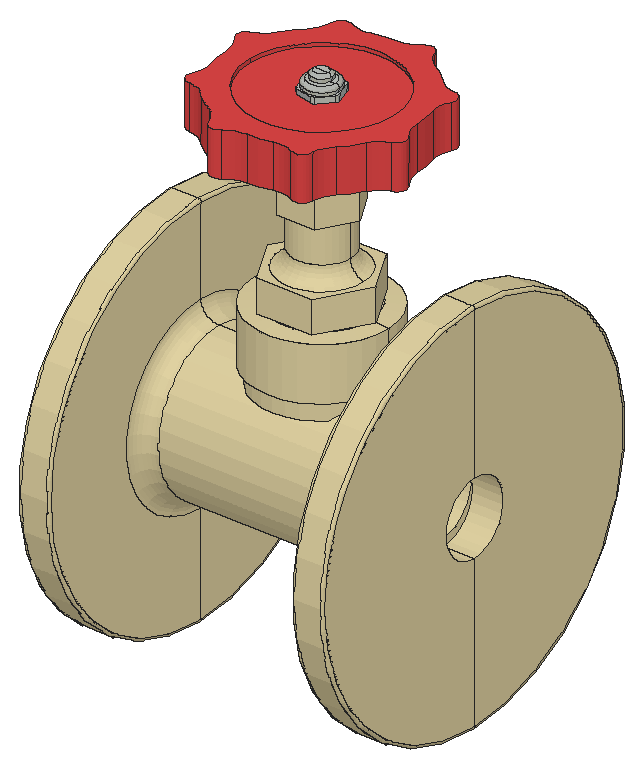
Revit family "AA01900000", category Apparecchi idraulici, Revit 2020
Family settings
  Quota connettore circolare = Usa diametro
  Tipo di parte = Normale
  Numero OmniClass = 23.45.00.00
  Titolo OmniClass = Sanitary, Laundry, and Cleaning Equipment
  Basato su piano di lavoro = No
  Sempre verticale = Sì
  Taglio con vuoti quando caricato = No
  Condiviso = No
  Punto di calcolo locali = No
Parameters
  URL = "https://web.cimberio.it/index.php/figura/646?subcategoria_id=10200"
  Temperatura di esercizio = "-10 ÷ 170°C (DN 15 ÷ 100); -10 ÷ 150°C (DN 125 e 150)"
  Prospetto di default = 0 mm
  Produttore = "CIMBERIO SPA"
  Pressione nominale = "PN 16 (DN 15 ÷ 100); PN 10 (DN 125 e 150)"
  Modello = "Cim 72FPN10"
  Materiale = "Prodotto in lega di bronzo conforme alla norma EN 1982-CC491K"
  Descrizione = "Utilizzato nei più svariati settori dell'impiantistica: impianti di riscaldamento, condizionamento, idrici, igienico-sanitari, reti di distribuzione oli, benzine, vapore saturo e in generale con ogni fluido non corrosivo"
  DN Model [instance] = AA01903135 : AA01903135
  DN [instance] = 20 mm
  Commenti sul tipo = "Realizzato in ottemperanza ai requisiti gestionali della norma EN ISO 9001. Collaudato al 100% secondo la normativa EN 12266-1."
Reference planes
  plane 1 "Centro (Fronte/Retro)": y = 0
  plane 2: z = 0
  plane 3 "Centro (Sinistra/Destra)": x = 0
Dimensions and locks
  aligned and locked: level to plane 2
Nested families
  nested 1: "AA01903135" at (0, 0, 0), type <- "DN Model", type "AA01903135"
  nested 2: "AA01903135" at (0, 0, 0), type <- "DN Model", type "AA01903135"
  nested 3: "AA01903135" at (0, 0, 0), type <- "DN Model", type "AA01903135"
  nested 4: "AA01903135" at (0, 0, 0), type <- "DN Model", type "AA01903135"
  nested 5: "AA01903135" at (0, 0, 0), type <- "DN Model", type "AA01903135"
  nested 6: "AA01903135" at (0, 0, 0), type <- "DN Model", type "AA01903135"
  nested 7: "AA01903135" at (0, 0, 0), type <- "DN Model", type "AA01903135"
  nested 8: "AA01903135" at (0, 0, 0), type <- "DN Model", type "AA01903135"
  nested 9: "AA01903135" at (0, 0, 0), type <- "DN Model", type "AA01903135"
  nested 10: "AA01903135" at (0, 0, 0), type <- "DN Model", type "AA01903135"
  nested 11: "AA01903135" at (0, 0, 0), type <- "DN Model", type "AA01903135"
Connectors
  piping at (42.25, 0, -2), diameter 20, driven by "DN"
    settings: on nested 1, index 1, connector inside diameter 609.6 mm, connector length 0 mm, flow factor 0, pipe flow 0.0 L/s, pressure drop 0.0 Pa, fitting loss kfactor 0, connector angle 0.00°, fixture units 0, engagement length 0 mm, angle of deflection 0.00°, flow configuration 0, flow direction 0, fitting loss method 0, system type 7, joint type 0, gender type 0, connector reference index -1, connector utility 0, adjustable connector no, is connector primary yes, connector description ""
  piping at (-42.25, 0, -2), diameter 20, driven by "DN"
    settings: on nested 1, index 2, connector inside diameter 609.6 mm, connector length 0 mm, flow factor 0, pipe flow 0.0 L/s, pressure drop 0.0 Pa, fitting loss kfactor 0, connector angle 0.00°, fixture units 0, engagement length 0 mm, angle of deflection 0.00°, flow configuration 0, flow direction 0, fitting loss method 0, system type 7, joint type 0, gender type 0, connector reference index -1, connector utility 0, adjustable connector no, is connector primary no, connector description ""
Definition of nested family "AA01903135"
  Parameters (values of type "AA01903135")
    Default Elevation = 0 mm
  Reference planes
    plane 1 "Centro (Fronte/Retro)": y = 0
    plane 2: z = 0
    plane 3 "Centro (Sinistra/Destra)": x = 0
  Forms (mm)
    Revolve 1, solid
      sketch origin (0, 0, 0) x (1, 0, 0) y (0, 0, 1)
        loop
          line (33.5, -10) -> (-33.5, -10) -> (-33.5, -26)
          arc (-33.5, -26) -> (-32.036, -22.464) -> (-28.5, -21) r 5
          line (-28.5, -21) -> (28.5, -21)
          arc (28.5, -21) -> (32.036, -22.464) -> (33.5, -26) r 5
          line (33.5, -26) -> (33.5, -10)
        axis (-33.5, 0) -> (33.5, 0)
      angle from 0 to 360
    Revolve 2, solid
      sketch origin (0, 0, 12.564) x (1, 0, 0) y (0, 0, 1)
        loop
          line (-18.5, 24.004) -> (-18.5, 9.299) -> (-17, 8.897) -> (-17, 4.2) -> (-12, 4.2) -> (-12, -9.186) -> (0, -9.186) -> (0, 24.436) -> (-13.562, 24.436) -> (-18.5, 24.004)
        axis (0, 24.436) -> (0, -9.186)
      angle from 0 to 360
    Extrusion 3, solid
      sketch origin (0, 0, 12.564) x (0, -1, 0) y (1, 0, 0)
        loop
          line (0, 15) -> (-12.99, 7.5) -> (-12.99, -7.5) -> (0, -15) -> (12.99, -7.5) -> (12.99, 7.5) -> (0, 15)
      from 24.436 to 33.156
    Revolve 4, solid
      sketch origin (0, 0, 12.564) x (1, 0, 0) y (0, 0, 1)
        loop
          line (0, 47.98) -> (-8, 47.98) -> (-8, 37.912)
          arc (-8, 37.912) -> (-8.955, 34.973) -> (-11.455, 33.156) r 5
          line (-11.455, 33.156) -> (0, 33.156) -> (0, 47.98)
        axis (0, 47.98) -> (0, 33.156)
      angle from 0 to 360
    Extrusion 5, solid
      sketch origin (0, 0, 12.564) x (0, -1, 0) y (1, 0, 0)
        loop
          line (0, -10.4) -> (9.007, -5.2) -> (9.007, 5.2) -> (0, 10.4) -> (-9.007, 5.2) -> (-9.007, -5.2) -> (0, -10.4)
      from 47.936 to 57.936
    Revolve 6, solid
      sketch origin (0, 0, 12.486) x (1, 0, 0) y (0, 0, 1)
        loop
          line (-9, 67) -> (-9, 64.992)
          arc (-9, 64.992) -> (-8.854, 64.639) -> (-8.5, 64.492) r 0.5
          line (-8.5, 64.492) -> (-4, 64.492) -> (-4, 58) -> (0, 58) -> (0, 67) -> (-9, 67)
        axis (0, 67) -> (0, 58)
      angle from 0 to 360
    Extrusion 7, solid
      sketch origin (0, 0, 12.564) x (0.999999, 0.00152, 0) y (-0.00152, 0.999999, 0)
        loop
          spline (-12.199, 25.897) -> (-12.71, 26.105) -> (-13.214, 26.237) -> (-13.702, 26.291) -> (-14.168, 26.265) -> (-14.605, 26.16) -> (-15.004, 25.979) -> (-15.36, 25.722) -> (-15.668, 25.396) -> (-15.922, 25.004) -> (-16.119, 24.553) -> (-16.255, 24.049) -> (-16.329, 23.502)
          arc (-16.329, 23.502) -> (-17.026, 20.807) -> (-18.613, 18.519) r 7.926
          arc (-18.613, 18.519) -> (-20.83, 15.984) -> (-22.705, 13.186) r 26.256
          arc (-22.705, 13.186) -> (-24.511, 11.056) -> (-26.943, 9.684) r 7.928
          spline (-26.943, 9.684) -> (-27.45, 9.47) -> (-27.898, 9.208) -> (-28.28, 8.901) -> (-28.591, 8.554) -> (-28.825, 8.173) -> (-28.978, 7.763) -> (-29.049, 7.331) -> (-29.037, 6.884) -> (-28.941, 6.428) -> (-28.762, 5.971) -> (-28.505, 5.519) -> (-28.172, 5.081)
          arc (-28.172, 5.081) -> (-26.754, 2.675) -> (-26.256, -0.073) r 7.95
          arc (-26.256, -0.073) -> (-26.032, -3.427) -> (-25.38, -6.725) r 26.256
          arc (-25.38, -6.725) -> (-25.15, -9.508) -> (-25.897, -12.199) r 7.949
          spline (-25.897, -12.199) -> (-26.105, -12.709) -> (-26.237, -13.211) -> (-26.291, -13.699) -> (-26.266, -14.164) -> (-26.162, -14.6) -> (-25.982, -14.998) -> (-25.727, -15.354) -> (-25.403, -15.662) -> (-25.013, -15.917) -> (-24.564, -16.115) -> (-24.063, -16.252) -> (-23.518, -16.328)
          arc (-23.518, -16.328) -> (-20.814, -17.023) -> (-18.519, -18.613) r 7.928
          arc (-18.519, -18.613) -> (-15.984, -20.831) -> (-13.186, -22.705) r 26.256
          arc (-13.186, -22.705) -> (-11.061, -24.505) -> (-9.69, -26.928) r 7.928
          spline (-9.69, -26.928) -> (-9.477, -27.437) -> (-9.215, -27.888) -> (-8.908, -28.273) -> (-8.561, -28.586) -> (-8.179, -28.821) -> (-7.769, -28.977) -> (-7.336, -29.049) -> (-6.888, -29.037) -> (-6.431, -28.941) -> (-5.973, -28.763) -> (-5.52, -28.505) -> (-5.081, -28.172)
          arc (-5.081, -28.172) -> (-2.675, -26.754) -> (0.073, -26.256) r 7.949
          arc (0.073, -26.256) -> (3.427, -26.032) -> (6.725, -25.381) r 26.256
          arc (6.725, -25.381) -> (9.508, -25.151) -> (12.199, -25.897) r 7.95
          spline (12.199, -25.897) -> (12.709, -26.105) -> (13.212, -26.237) -> (13.699, -26.291) -> (14.164, -26.266) -> (14.6, -26.162) -> (14.998, -25.982) -> (15.354, -25.727) -> (15.662, -25.402) -> (15.917, -25.013) -> (16.115, -24.564) -> (16.252, -24.063) -> (16.328, -23.518)
          arc (16.328, -23.518) -> (17.023, -20.814) -> (18.613, -18.519) r 7.927
          arc (18.613, -18.519) -> (20.831, -15.984) -> (22.705, -13.186) r 26.256
          arc (22.705, -13.186) -> (24.505, -11.061) -> (26.928, -9.69) r 7.928
          spline (26.928, -9.69) -> (27.437, -9.477) -> (27.888, -9.215) -> (28.273, -8.908) -> (28.586, -8.561) -> (28.821, -8.179) -> (28.977, -7.769) -> (29.049, -7.336) -> (29.037, -6.888) -> (28.941, -6.431) -> (28.763, -5.973) -> (28.505, -5.52) -> (28.172, -5.081)
          arc (28.172, -5.081) -> (26.754, -2.675) -> (26.256, 0.073) r 7.949
          arc (26.256, 0.073) -> (26.032, 3.427) -> (25.381, 6.725) r 26.256
          arc (25.381, 6.725) -> (25.15, 9.508) -> (25.897, 12.199) r 7.949
          spline (25.897, 12.199) -> (26.105, 12.71) -> (26.237, 13.214) -> (26.291, 13.702) -> (26.265, 14.168) -> (26.16, 14.604) -> (25.979, 15.004) -> (25.722, 15.36) -> (25.396, 15.667) -> (25.004, 15.922) -> (24.553, 16.119) -> (24.05, 16.255) -> (23.502, 16.329)
          arc (23.502, 16.329) -> (20.807, 17.027) -> (18.519, 18.613) r 7.928
          arc (18.519, 18.613) -> (15.984, 20.831) -> (13.186, 22.705) r 26.256
          arc (13.186, 22.705) -> (11.056, 24.511) -> (9.684, 26.943) r 7.928
          spline (9.684, 26.943) -> (9.47, 27.45) -> (9.208, 27.898) -> (8.901, 28.28) -> (8.554, 28.591) -> (8.173, 28.825) -> (7.763, 28.978) -> (7.331, 29.049) -> (6.884, 29.037) -> (6.428, 28.941) -> (5.971, 28.762) -> (5.519, 28.505) -> (5.081, 28.172)
          arc (5.081, 28.172) -> (2.675, 26.754) -> (-0.073, 26.256) r 7.95
          arc (-0.073, 26.256) -> (-3.427, 26.032) -> (-6.725, 25.38) r 26.256
          arc (-6.725, 25.38) -> (-9.508, 25.15) -> (-12.199, 25.897) r 7.949
      from 65.436 to 77.398
    Extrusion 8, void
      sketch origin (0, 0, 12.564) x (1, 0, 0) y (0, 1, 0)
        loop
          circle (0, 0) r 20
      from 76.436 to 78.436
    Extrusion 9, solid
      sketch origin (-0.001, -0.001, 11.002) x (0.630591, -0.776115, 0) y (0.776115, 0.630591, 0)
        loop
          line (-1.377, 5.329) -> (-4.94, 2.419)
          arc (-4.94, 2.419) -> (-5.249, 1.991) -> (-5.302, 1.465) r 1.021
          line (-5.302, 1.465) -> (-4.565, -3.074)
          arc (-4.565, -3.074) -> (-4.349, -3.551) -> (-3.924, -3.858) r 1.012
          line (-3.924, -3.858) -> (0.37, -5.486)
          arc (0.37, -5.486) -> (0.9, -5.54) -> (1.387, -5.321) r 1.03
          line (1.387, -5.321) -> (4.931, -2.427)
          arc (4.931, -2.427) -> (5.246, -1.989) -> (5.3, -1.452) r 1.042
          line (5.3, -1.452) -> (4.567, 3.058)
          arc (4.567, 3.058) -> (4.346, 3.549) -> (3.909, 3.863) r 1.04
          line (3.909, 3.863) -> (-0.382, 5.491)
          arc (-0.382, 5.491) -> (-0.901, 5.543) -> (-1.377, 5.329) r 1.007
      from 75 to 79.5
    Revolve 10, solid
      sketch origin (0, 0, 11.314) x (1, 0, 0) y (0, 0, 1)
        loop
          line (0, 81) -> (0, 79.19) -> (4.75, 79.19) -> (4.75, 80)
          arc (4.75, 80) -> (4.457, 80.707) -> (3.75, 81) r 1
          line (3.75, 81) -> (0, 81)
        axis (0, 81) -> (0, 79.19)
      angle from 0 to 360
    Revolve 11, solid
      sketch origin (0, 0, -0.678) x (1, 0, 0) y (0, 0, 1)
        loop
          line (0, 95) -> (0, 93) -> (1.851, 93) -> (2.902, 93.446) -> (2.902, 94.245) -> (1.9, 95) -> (0, 95)
        axis (0, 95) -> (0, 93)
      angle from 0 to 360
    Revolve 12, solid
      sketch origin (0, 0, 0) x (-1, 0, 0) y (0, 0, 1)
        loop
          line (33.5, 49.722) -> (33.5, 8) -> (42.25, 8) -> (42.25, 49.676)
          arc (42.25, 49.676) -> (42.009, 50.259) -> (41.426, 50.5) r 0.824
          line (41.426, 50.5) -> (34.278, 50.5)
          arc (34.278, 50.5) -> (33.728, 50.272) -> (33.5, 49.722) r 0.778
        axis (42.25, -2) -> (33.5, -2)
      angle from 0 to 360
    Revolve 13, solid
      sketch origin (0, 0, 0) x (1, 0, 0) y (0, 0, 1)
        loop
          line (33.5, 49.722) -> (33.5, 8) -> (42.25, 8) -> (42.25, 49.676)
          arc (42.25, 49.676) -> (42.009, 50.259) -> (41.426, 50.5) r 0.824
          line (41.426, 50.5) -> (34.278, 50.5)
          arc (34.278, 50.5) -> (33.728, 50.272) -> (33.5, 49.722) r 0.778
        axis (42.25, -2) -> (33.5, -2)
      angle from 0 to 360
  Cuts and joins
    Extrusion 8 cuts Extrusion 7
  Dimensions and locks
    aligned and locked: level to plane 2
